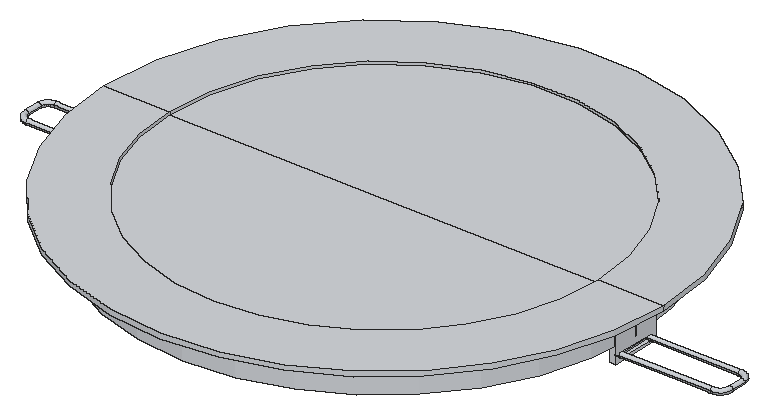
Revit family "0053938", category Lighting Fixtures, host Face, Revit 2017
Family settings
  Host = Face
  Round Connector Dimension = Use Diameter
  Part Type = Normal
  OmniClass Number = 23.80.70.00
  OmniClass Title = Lighting
  Cut with Voids When Loaded = No
  Light Source = Yes
  Shared = No
  Room Calculation Point = No
Parameters (values of type "0053938 ST E DOWNLIGHT FLT 205 IP44 1550 830 DIM")
  Weight = "4.57 kg"
  Wattage Comments = ""
  Wattage = 17 W
  WarrantyStartDate [instance] = "n/a"
  WarrantyGuarantorParts = "n/a"
  WarrantyDurationUnit = "n/a"
  WarrantyDurationParts = "n/a"
  WarrantyDescription = "n/a"
  built-in parameter 1150110 = 1 (stored number, unit not read)
  Voltage = 0 V
  URL = "http://www.sylvania-lighting.com"
  TypeName = "START eco Downlight Flat 205 IP44 1550lm 830 DIM"
  Type Image = <None>
  Type Comments = "n/a"
  built-in parameter 1114217 = 1 (stored number, unit not read)
  Tilt Angle = -90.00°
  built-in parameter 1150109 = 1 (stored number, unit not read)
  built-in parameter 1150134 = (empty or 0)
  built-in parameter 1150113 = 1 (stored number, unit not read)
  SerialNumber [instance] = "n/a"
  SIZE_203_SYL = 1
  SIZE_155_SYL = 0
  R_DIFF_SYL = if(SIZE_155_SYL = 1, 63.5 mm, if(SIZE_203_SYL = 1, 86.5 mm, 40 mm))  # 86.5 mm
  R2_SYL = if(SIZE_155_SYL = 1, 77.5 mm, if(SIZE_203_SYL = 1, 101.5 mm, 52.5 mm))  # 101.5 mm
  R1_SYL = if(SIZE_155_SYL = 1, 86 mm, if(SIZE_203_SYL = 1, 113 mm, 60 mm))  # 113 mm
  Photometric Web File = "0053938.ies"
  LUM_HEIGHT_SYL = 15 mm - CHAMF_SYL  # 14 mm
  CLIP_SYL = 10 mm
  CLIP_HOLE_SYL = 2.5 mm
  CLIP_HOLE_HE_SYL = 8.5 mm
  CLIP_D_SYL = R2_SYL - 2.5 mm  # 99 mm
  CLIP_DIST_SYL = R2_SYL - 2.5 mm  # 99 mm
  CLIP_CUTOUT_SYL = 19 mm
  CHAMF_SYL = 1 mm
  Material_3_SYL = none
  PowerFactor = 0.9
  PowerConsumption = "17 W"
  NominalLength = 226 mm
  NominalHeight = 21 mm
  NominalDepth = 226 mm
  Name = "START eco Downlight Flat 205 IP44 1550lm 830 DIM"
  ModelReference = Name  # "START eco Downlight Flat 205 IP44 1550lm 830 DIM"
  ModelNumber = "0053938"
  Model = Name  # "START eco Downlight Flat 205 IP44 1550lm 830 DIM"
  Material = "aluminium housing, other diffuser"
  ManufacturerName = "Feilo Sylvania"
  Manufacturer = "Feilo Sylvania"
  LuminousEfficacy = "91 lm/W"
  built-in parameter 1150105 = 123.11 (stored number, unit not read)
  Lumens = 1547 lm
  LuminaireType = ""
  built-in parameter 1150115 = 1 (stored number, unit not read)
  LightOutputRatio = "n/a"
  built-in parameter 1150137 = (empty or 0)
  built-in parameter 1150139 = (empty or 0)
  LampsType = Lamp  # "LED"
  LampNominalLuminous = "1550 lm"
  LampMacAdamStep = "5"
  LampColourTemperature = "3000 K"
  LampColourRenderingIndex = "80"
  built-in parameter 1150112 = 1 (stored number, unit not read)
  built-in parameter 1150114 = 1 (stored number, unit not read)
  Lamp = "LED"
  Keynote = "16500"
  InstallationDate [instance] = "n/a"
  InputVoltage = "n/a"
  InputNominalFrequency = "n/a"
  built-in parameter 1150132 = (empty or 0)
  built-in parameter 1150102 = (empty or 0)
  built-in parameter 1150107 = 3000 (stored number, unit not read)
  built-in parameter 1150138 = (empty or 0)
  IngressProtection = "IP44/20"
  ImpactProtectionIndex = "IK06"
  built-in parameter 1150106 = 1.2311 (stored number, unit not read)
  IfcExportType = "IfcLightFixtureType"
  IfcExportAs = "IfcLightFixtureType"
  Emit from Circle Diameter = 609.6 mm
  Emit Shape Visible in Rendering = no
  ElectricShockClassification = "Class II"
  built-in parameter 1150104 = 8.4542 (stored number, unit not read)
  DocumentationLiterature = "http://www.sylvania-lighting.com/product/en-int/products/0053938"
  DimmingControlOptions = "n/a"
  Material_2_SYL = none
  Dimming Lamp Color Temperature Shift = <None>
  Description = "START eco Downlight Flat IP44 DIM is an integrated LED recessed downlight with separated phase dimmable driver; 17W; 1550Lm; 91Lm/W; 3000K; IP44 rated from the front; 30,000hrs (L70B50)."
  Default Elevation = 1219.2 mm
  CreatedOn = "8/6/2020"
  CreatedBy = "@sylvania-lighting.com"
  Cost = 0
  Color Filter = 16777215
  built-in parameter 1114216 [instance] = (empty or 0)
  ClassificationValue = "EF_70_80"
  ClassificationName = "Uniclass2015"
  Material_1_SYL = none
  CHAMF_2_SYL = 1 mm
  BarCode [instance] = "n/a"
  built-in parameter 1114218 = 1 (stored number, unit not read)
  built-in parameter 1150133 = 10 (stored number, unit not read)
  AssetType = "Fixed"
  AssetIdentifier [instance] = "n/a"
  Assembly Code = "D5020200"
  Apparent Load = 17 VA
  Material_4_SYL = none
Types (17, lengths in mm): name | Weight | Wattage | TypeName | built-in parameter 1150134 | SIZE_203_SYL | SIZE_155_SYL | R_DIFF_SYL | R2_SYL | R1_SYL | Photometric Web File | CLIP_D_SYL | CLIP_DIST_SYL | PowerFactor | PowerConsumption | NominalLength | NominalHeight | NominalDepth | Name | ModelReference | ModelNumber | Model | Material | LuminousEfficacy | built-in parameter 1150105 | Lumens | LampNominalLuminous | LampMacAdamStep | LampColourTemperature | built-in parameter 1150107 | built-in parameter 1150106 | built-in parameter 1150104 | DocumentationLiterature | Description | Apparent Load
  0053988 SYLFLAT 105 IP44 550LM 830 DIM | "3.555 kg" | 7 W | "Sylflat 105 IP44 550lm 830 DIM" | (empty or 0) | 0 | 1 | 63.5 | 77.5 | 86 | "0053988.ies" | 75 | 75 | 0 | "7 W" | 0 | 0 | 0 | "Sylflat 105 IP44 550lm 830 DIM" | "Sylflat 105 IP44 550lm 830 DIM" | "53988" | "Sylflat 105 IP44 550lm 830 DIM" | "n/a" | "78.57 lm/W" | 43.768 (stored number, unit not read) | 550 lm | "550 lm" | "3" | "3000 K" | 3000 (stored number, unit not read) | 0.43768 (stored number, unit not read) | 7.2995 (stored number, unit not read) | "http://www.sylvania-lighting.com/product/en-int/products/0053988" | "Sylflat DIM is an integrated LED recessed downlight with separated phase dimmable driver; 7W; 550Lm; 79Lm/W; 3000K; IP44 rated from the front; 50,000hrs (L70B50)." | 7 VA
  0053957 SYLFLAT 205 IP44 2250LM 840 DIM | "4.57 kg" | 24 W | "Sylflat 205 IP44 2250lm 840 DIM" | 12 | 1 | 0 | 86.5 | 101.5 | 113 | "0053957.ies" | 99 | 99 | 0.9 | "24 W" | 226 | 21 | 226 | "Sylflat 205 IP44 2250lm 840 DIM" | "Sylflat 205 IP44 2250lm 840 DIM" | "53957" | "Sylflat 205 IP44 2250lm 840 DIM" | "n/a" | "103 lm/W" | 196.72 (stored number, unit not read) | 2472 lm | "2250 lm" | "3" | "4000 K" | 4000 (stored number, unit not read) | 1.9672 (stored number, unit not read) | 9.569 (stored number, unit not read) | "http://www.sylvania-lighting.com/product/en-int/products/0053957" | "Sylflat DIM is an integrated LED recessed downlight with separated phase dimmable driver; 24W; 2250Lm; 103Lm/W; 4000K; IP44 rated from the front; 50,000hrs (L70B50)." | 24 VA
  0053956 SYLFLAT 205 IP44 2200LM 830 DIM | "4.57 kg" | 24 W | "Sylflat 205 IP44 2200lm 830 DIM" | (empty or 0) | 1 | 0 | 86.5 | 101.5 | 113 | "0053956.ies" | 99 | 99 | 0.9 | "24 W" | 226 | 21 | 226 | "Sylflat 205 IP44 2200lm 830 DIM" | "Sylflat 205 IP44 2200lm 830 DIM" | "53956" | "Sylflat 205 IP44 2200lm 830 DIM" | "n/a" | "100 lm/W" | 190.99 (stored number, unit not read) | 2400 lm | "2200 lm" | "3" | "3000 K" | 3000 (stored number, unit not read) | 1.9099 (stored number, unit not read) | 9.2903 (stored number, unit not read) | "http://www.sylvania-lighting.com/product/en-int/products/0053956" | "Sylflat DIM is an integrated LED recessed downlight with separated phase dimmable driver; 24W; 2200Lm; 100Lm/W; 3000K; IP44 rated from the front; 50,000hrs (L70B50)." | 24 VA
  0053955 SYLFLAT 205 IP44 1750LM 840 DIM | "4.57 kg" | 17 W | "Sylflat 205 IP44 1750lm 840 DIM" | 12 | 1 | 0 | 86.5 | 101.5 | 113 | "0053955.ies" | 99 | 99 | 0.9 | "17 W" | 226 | 21 | 226 | "Sylflat 205 IP44 1750lm 840 DIM" | "Sylflat 205 IP44 1750lm 840 DIM" | "53955" | "Sylflat 205 IP44 1750lm 840 DIM" | "aluminium housing, other diffuser" | "103 lm/W" | 139.34 (stored number, unit not read) | 1751 lm | "1750 lm" | "3" | "4000 K" | 4000 (stored number, unit not read) | 1.3934 (stored number, unit not read) | 9.569 (stored number, unit not read) | "http://www.sylvania-lighting.com/product/en-int/products/0053955" | "Sylflat DIM is an integrated LED recessed downlight with separated phase dimmable driver; 17W; 1750Lm; 103Lm/W; 4000K; IP44 rated from the front; 50,000hrs (L70B50)." | 17 VA
  0053954 SYLFLAT 205 IP44 1550LM 830 DIM | "4.57 kg" | 17 W | "Sylflat 205 IP44 1550lm 830 DIM" | (empty or 0) | 1 | 0 | 86.5 | 101.5 | 113 | "0053954.ies" | 99 | 99 | 0.9 | "17 W" | 226 | 21 | 226 | "Sylflat 205 IP44 1550lm 830 DIM" | "Sylflat 205 IP44 1550lm 830 DIM" | "53954" | "Sylflat 205 IP44 1550lm 830 DIM" | "aluminium housing, other diffuser" | "91 lm/W" | 123.11 (stored number, unit not read) | 1547 lm | "1550 lm" | "3" | "3000 K" | 3000 (stored number, unit not read) | 1.2311 (stored number, unit not read) | 8.4542 (stored number, unit not read) | "http://www.sylvania-lighting.com/product/en-int/products/0053954" | "Sylflat DIM is an integrated LED recessed downlight with separated phase dimmable driver; 17W; 1550Lm; 91Lm/W; 3000K; IP44 rated from the front; 50,000hrs (L70B50)." | 17 VA
  0053953 SYLFLAT 155 IP44 1100LM 840 DIM | "3.27 kg" | 12 W | "Sylflat 155 IP44 1100lm 840 DIM" | 12 | 0 | 1 | 63.5 | 77.5 | 86 | "0053953.ies" | 75 | 75 | 0.9 | "12 W" | 172 | 21 | 172 | "Sylflat 155 IP44 1100lm 840 DIM" | "Sylflat 155 IP44 1100lm 840 DIM" | "53953" | "Sylflat 155 IP44 1100lm 840 DIM" | "aluminium housing, other diffuser" | "92 lm/W" | 87.854 (stored number, unit not read) | 1104 lm | "1100 lm" | "3" | "4000 K" | 4000 (stored number, unit not read) | 0.87854 (stored number, unit not read) | 8.5471 (stored number, unit not read) | "http://www.sylvania-lighting.com/product/en-int/products/0053953" | "Sylflat DIM is an integrated LED recessed downlight with separated phase dimmable driver; 12W; 1100Lm; 92Lm/W; 4000K; IP44 rated from the front; 50,000hrs (L70B50)." | 12 VA
  0053952 SYLFLAT 155 IP44 1000LM 830 DIM | "3.27 kg" | 12 W | "Sylflat 155 IP44 1000lm 830 DIM" | (empty or 0) | 0 | 1 | 63.5 | 77.5 | 86 | "0053952.ies" | 75 | 75 | 0.9 | "12 W" | 172 | 21 | 172 | "Sylflat 155 IP44 1000lm 830 DIM" | "Sylflat 155 IP44 1000lm 830 DIM" | "53952" | "Sylflat 155 IP44 1000lm 830 DIM" | "aluminium housing, other diffuser" | "83 lm/W" | 79.259 (stored number, unit not read) | 996 lm | "1000 lm" | "3" | "3000 K" | 3000 (stored number, unit not read) | 0.79259 (stored number, unit not read) | 7.711 (stored number, unit not read) | "http://www.sylvania-lighting.com/product/en-int/products/0053952" | "Sylflat DIM is an integrated LED recessed downlight with separated phase dimmable driver; 12W; 1000Lm; 83Lm/W; 3000K; IP44 rated from the front; 50,000hrs (L70B50)." | 12 VA
  0053951 ST E DOWNLIGHT FLT 205 IP44 2200 865 DIM | "4.57 kg" | 24 W | "START eco Downlight Flat 205 IP44 2200lm 865 DIM" | 1 | 1 | 0 | 86.5 | 101.5 | 113 | "0053951.ies" | 99 | 99 | 0.9 | "24 W" | 226 | 21 | 226 | "START eco Downlight Flat 205 IP44 2200lm 865 DIM" | "START eco Downlight Flat 205 IP44 2200lm 865 DIM" | "53951" | "START eco Downlight Flat 205 IP44 2200lm 865 DIM" | "n/a" | "92 lm/W" | 175.71 (stored number, unit not read) | 2208 lm | "2200 lm" | "5" | "6500 K" | 6500 (stored number, unit not read) | 1.7571 (stored number, unit not read) | 8.5471 (stored number, unit not read) | "http://www.sylvania-lighting.com/product/en-int/products/0053951" | "START eco Downlight Flat IP44 DIM is an integrated LED recessed downlight with separated phase dimmable driver; 24W; 2200Lm; 92Lm/W; 6500K; IP44 rated from the front; 30,000hrs (L70B50)." | 24 VA
  0053950 ST E DOWNLIGHT FLT 205 IP44 1700 865 DIM | "4.57 kg" | 17 W | "START eco Downlight Flat 205 IP44 1700lm 865 DIM" | 1 | 1 | 0 | 86.5 | 101.5 | 113 | "0053950.ies" | 99 | 99 | 0.9 | "17 W" | 226 | 21 | 226 | "START eco Downlight Flat 205 IP44 1700lm 865 DIM" | "START eco Downlight Flat 205 IP44 1700lm 865 DIM" | "53950" | "START eco Downlight Flat 205 IP44 1700lm 865 DIM" | "aluminium housing, other diffuser" | "100 lm/W" | 135.28 (stored number, unit not read) | 1700 lm | "1700 lm" | "5" | "6500 K" | 6500 (stored number, unit not read) | 1.3528 (stored number, unit not read) | 9.2903 (stored number, unit not read) | "http://www.sylvania-lighting.com/product/en-int/products/0053950" | "START eco Downlight Flat IP44 DIM is an integrated LED recessed downlight with separated phase dimmable driver; 17W; 1700Lm; 100Lm/W; 6500K; IP44 rated from the front; 30,000hrs (L70B50)." | 17 VA
  0053949 ST E DOWNLIGHT FLT 155 IP44 1100 865 DIM | "3.27 kg" | 12 W | "START eco Downlight Flat 155 IP44 1100lm 865 DIM" | 1 | 0 | 1 | 63.5 | 77.5 | 86 | "0053949.ies" | 75 | 75 | 0.9 | "12 W" | 172 | 21 | 172 | "START eco Downlight Flat 155 IP44 1100lm 865 DIM" | "START eco Downlight Flat 155 IP44 1100lm 865 DIM" | "53949" | "START eco Downlight Flat 155 IP44 1100lm 865 DIM" | "aluminium housing, other diffuser" | "92 lm/W" | 87.854 (stored number, unit not read) | 1104 lm | "1100 lm" | "5" | "6500 K" | 6500 (stored number, unit not read) | 0.87854 (stored number, unit not read) | 8.5471 (stored number, unit not read) | "http://www.sylvania-lighting.com/product/en-int/products/0053949" | "START eco Downlight Flat IP44 DIM is an integrated LED recessed downlight with separated phase dimmable driver; 12W; 1100Lm; 92Lm/W; 6500K; IP44 rated from the front; 30,000hrs (L70B50)." | 12 VA
  0053944 ST E DOWNLIGHT FLT 205 IP44 2250 840 DIM | "4.57 kg" | 24 W | "START eco Downlight Flat 205 IP44 2250lm 840 DIM" | 12 | 1 | 0 | 86.5 | 101.5 | 113 | "0053944.ies" | 99 | 99 | 0.9 | "24 W" | 226 | 21 | 226 | "START eco Downlight Flat 205 IP44 2250lm 840 DIM" | "START eco Downlight Flat 205 IP44 2250lm 840 DIM" | "53944" | "START eco Downlight Flat 205 IP44 2250lm 840 DIM" | "n/a" | "94 lm/W" | 179.53 (stored number, unit not read) | 2256 lm | "2250 lm" | "5" | "4000 K" | 4000 (stored number, unit not read) | 1.7953 (stored number, unit not read) | 8.7329 (stored number, unit not read) | "http://www.sylvania-lighting.com/product/en-int/products/0053944" | "START eco Downlight Flat IP44 DIM is an integrated LED recessed downlight with separated phase dimmable driver; 24W; 2250Lm; 94Lm/W; 4000K; IP44 rated from the front; 30,000hrs (L70B50)." | 24 VA
  0053942 ST E DOWNLIGHT FLT 205 IP44 1750 840 DIM | "4.57 kg" | 17 W | "START eco Downlight Flat 205 IP44 1750lm 840 DIM" | 12 | 1 | 0 | 86.5 | 101.5 | 113 | "0053942.ies" | 99 | 99 | 0.9 | "17 W" | 226 | 21 | 226 | "START eco Downlight Flat 205 IP44 1750lm 840 DIM" | "START eco Downlight Flat 205 IP44 1750lm 840 DIM" | "53942" | "START eco Downlight Flat 205 IP44 1750lm 840 DIM" | "aluminium housing, other diffuser" | "103 lm/W" | 139.34 (stored number, unit not read) | 1751 lm | "1750 lm" | "5" | "4000 K" | 4000 (stored number, unit not read) | 1.3934 (stored number, unit not read) | 9.569 (stored number, unit not read) | "http://www.sylvania-lighting.com/product/en-int/products/0053942" | "START eco Downlight Flat IP44 DIM is an integrated LED recessed downlight with separated phase dimmable driver; 17W; 1750Lm; 103Lm/W; 4000K; IP44 rated from the front; 30,000hrs (L70B50)." | 17 VA
  0053941 ST E DOWNLIGHT FLT 155 IP44 1100 840 DIM | "3.27 kg" | 12 W | "START eco Downlight Flat 155 IP44 1100lm 840 DIM" | 12 | 0 | 1 | 63.5 | 77.5 | 86 | "0053941.ies" | 75 | 75 | 0.9 | "12 W" | 172 | 21 | 172 | "START eco Downlight Flat 155 IP44 1100lm 840 DIM" | "START eco Downlight Flat 155 IP44 1100lm 840 DIM" | "53941" | "START eco Downlight Flat 155 IP44 1100lm 840 DIM" | "aluminium housing, other diffuser" | "92 lm/W" | 87.854 (stored number, unit not read) | 1104 lm | "1100 lm" | "5" | "4000 K" | 4000 (stored number, unit not read) | 0.87854 (stored number, unit not read) | 8.5471 (stored number, unit not read) | "http://www.sylvania-lighting.com/product/en-int/products/0053941" | "START eco Downlight Flat IP44 DIM is an integrated LED recessed downlight with separated phase dimmable driver; 12W; 1100Lm; 92Lm/W; 4000K; IP44 rated from the front; 30,000hrs (L70B50)." | 12 VA
  0053940 ST E DOWNLIGHT FLT 205 IP44 2200 830 DIM | "4.57 kg" | 24 W | "START eco Downlight Flat 205 IP44 2200lm 830 DIM" | (empty or 0) | 1 | 0 | 86.5 | 101.5 | 113 | "0053940.ies" | 99 | 99 | 0.9 | "24 W" | 226 | 21 | 226 | "START eco Downlight Flat 205 IP44 2200lm 830 DIM" | "START eco Downlight Flat 205 IP44 2200lm 830 DIM" | "53940" | "START eco Downlight Flat 205 IP44 2200lm 830 DIM" | "n/a" | "92 lm/W" | 175.71 (stored number, unit not read) | 2208 lm | "2200 lm" | "5" | "3000 K" | 3000 (stored number, unit not read) | 1.7571 (stored number, unit not read) | 8.5471 (stored number, unit not read) | "http://www.sylvania-lighting.com/product/en-int/products/0053940" | "START eco Downlight Flat IP44 DIM is an integrated LED recessed downlight with separated phase dimmable driver; 24W; 2200Lm; 92Lm/W; 3000K; IP44 rated from the front; 30,000hrs (L70B50)." | 24 VA
  0053938 ST E DOWNLIGHT FLT 205 IP44 1550 830 DIM | "4.57 kg" | 17 W | "START eco Downlight Flat 205 IP44 1550lm 830 DIM" | (empty or 0) | 1 | 0 | 86.5 | 101.5 | 113 | "0053938.ies" | 99 | 99 | 0.9 | "17 W" | 226 | 21 | 226 | "START eco Downlight Flat 205 IP44 1550lm 830 DIM" | "START eco Downlight Flat 205 IP44 1550lm 830 DIM" | "0053938" | "START eco Downlight Flat 205 IP44 1550lm 830 DIM" | "aluminium housing, other diffuser" | "91 lm/W" | 123.11 (stored number, unit not read) | 1547 lm | "1550 lm" | "5" | "3000 K" | 3000 (stored number, unit not read) | 1.2311 (stored number, unit not read) | 8.4542 (stored number, unit not read) | "http://www.sylvania-lighting.com/product/en-int/products/0053938" | "START eco Downlight Flat IP44 DIM is an integrated LED recessed downlight with separated phase dimmable driver; 17W; 1550Lm; 91Lm/W; 3000K; IP44 rated from the front; 30,000hrs (L70B50)." | 17 VA
  0053937 ST E DOWNLIGHT FLT 155 IP44 1000 830 DIM | "3.27 kg" | 12 W | "START eco Downlight Flat 155 IP44 1000lm 830 DIM" | (empty or 0) | 0 | 1 | 63.5 | 77.5 | 86 | "0053937.ies" | 75 | 75 | 0.9 | "12 W" | 172 | 21 | 172 | "START eco Downlight Flat 155 IP44 1000lm 830 DIM" | "START eco Downlight Flat 155 IP44 1000lm 830 DIM" | "53937" | "START eco Downlight Flat 155 IP44 1000lm 830 DIM" | "aluminium housing, other diffuser" | "83 lm/W" | 79.259 (stored number, unit not read) | 996 lm | "1000 lm" | "5" | "3000 K" | 3000 (stored number, unit not read) | 0.79259 (stored number, unit not read) | 7.711 (stored number, unit not read) | "http://www.sylvania-lighting.com/product/en-int/products/0053937" | "START eco Downlight Flat IP44 DIM is an integrated LED recessed downlight with separated phase dimmable driver; 12W; 1000Lm; 83Lm/W; 3000K; IP44 rated from the front; 30,000hrs (L70B50)." | 12 VA
  0053989 SYLFLAT 105 IP44 600LM 840 DIM | "3.555 kg" | 7 W | "Sylflat 105 IP44 600lm 840 DIM" | 12 | 0 | 1 | 63.5 | 77.5 | 86 | "0053989.ies" | 75 | 75 | 0 | "7 W" | 0 | 0 | 0 | "Sylflat 105 IP44 600lm 840 DIM" | "Sylflat 105 IP44 600lm 840 DIM" | "53989" | "Sylflat 105 IP44 600lm 840 DIM" | "n/a" | "85.71 lm/W" | 47.746 (stored number, unit not read) | 600 lm | "600 lm" | "3" | "4000 K" | 4000 (stored number, unit not read) | 0.47746 (stored number, unit not read) | 7.9631 (stored number, unit not read) | "http://www.sylvania-lighting.com/product/en-int/products/0053989" | "Sylflat DIM is an integrated LED recessed downlight with separated phase dimmable driver; 7W; 600Lm; 86Lm/W; 4000K; IP44 rated from the front; 50,000hrs (L70B50)." | 7 VA
Reference planes
  plane 1 "Center (Front/Back)": y = 0
  plane 2: z = 0
  plane 3 "Center (Left/Right)": x = 0
  plane 4: z = 1
  plane 5: z = -1
  plane 6: z = -14
  plane 7: x = 113
  plane 8: x = 86.5
  plane 9: x = 101.5
  plane 10: x = 0
  plane 11: x = -96
  plane 12: x = -101.5
  plane 13: y = 10
  plane 14: y = -10
  plane 15: x = 99
  plane 16: z = -19
  plane 17: z = -16.5
  plane 18: y = -8.5
  plane 19: y = 8.5
  plane 20: x = -99
Forms (mm)
  Revolve 1, solid
    sketch origin (0, 0, 0) x (1, 0, 0) y (0, 0, 1)
      loop
        line (0, 0) -> (0, -14) -> (101.5, -14) -> (101.5, -1) -> (113, -1) -> (113, 1) -> (86.5, 1) -> (86.5, 0) -> (0, 0)
      axis (0, 1) -> (0, -14)
    angle from 360 to 0
  Extrusion 2, solid
    sketch origin (0, 0, 0) x (1, 0, 0) y (0, 1, 0)
      loop
        line (99, 10) -> (99, -10) -> (101.5, -10) -> (101.5, 10) -> (99, 10)
      loop
        line (-99, 10) -> (-101.5, 10) -> (-101.5, -10) -> (-99, -10) -> (-99, 10)
    from -20 to -1
  Extrusion 3, void
    sketch origin (319, 1524, 1219.2) x (0, 1, 0) y (0, 0, 1)
      loop
        line (-1515.5, -1238.2) -> (-1515.5, -1235.7) -> (-1532.5, -1235.7) -> (-1532.5, -1238.2) -> (-1515.5, -1238.2)
    from -440.059 to 10
  Sweep 4, solid
    path origin (-31.995, -2.046, -2.165) x (1, 0, 0) y (0, 1, 0)
      loop
        arc (-106, 9.306) -> (-108.828, 8.135) -> (-110, 5.306) r 4
        line (-110, 5.306) -> (-110, -0.922)
        arc (-110, -0.922) -> (-108.828, -3.75) -> (-106, -4.922) r 4
        line (-106, -4.922) -> (-68, -4.922) -> (-68, 9.306) -> (-106, 9.306)
    profile origin (-118.995, 7.26, -2.165) x (0, 1, 0) y (0, 0, 1)
      loop
        circle (0, -15.572) r 0.967
  Sweep 5, solid
    path origin (31.995, -2.046, -2.165) x (-1, 0, 0) y (0, -1, 0)
      loop
        line (-106, -9.306) -> (-68, -9.306) -> (-68, 4.922) -> (-106, 4.922)
        arc (-106, 4.922) -> (-108.828, 3.75) -> (-110, 0.922) r 4
        line (-110, 0.922) -> (-110, -5.306)
        arc (-110, -5.306) -> (-108.828, -8.135) -> (-106, -9.306) r 4
    profile origin (118.995, 7.26, -2.165) x (0, -1, 0) y (0, 0, 1)
      loop
        circle (0, -15.572) r 0.967
Cuts and joins
  Extrusion 3 cuts Extrusion 2
Dimensions and locks
  "LUM_HEIGHT_SYL": host face to plane 6
  "CHAMF_2_SYL": host face to plane 5
  "CHAMF_SYL": plane 4 to host face
  "R_DIFF_SYL": plane 8 to plane 3 "Center (Left/Right)"
  "R2_SYL": plane 3 "Center (Left/Right)" to plane 9
  "R1_SYL": plane 7 to plane 3 "Center (Left/Right)"
  "CLIP_SYL": plane 14 to plane 1 "Center (Front/Back)" to plane 13
  "CLIP_D_SYL": plane 10 to plane 15
  "R2_SYL": plane 10 to plane 9
  "CLIP_CUTOUT_SYL": host face to plane 16
  "CLIP_HOLE_SYL": plane 17 to plane 16
  "CLIP_HOLE_HE_SYL": plane 19 to plane 1 "Center (Front/Back)" to plane 18
  "R2_SYL": plane 12 to plane 10
  "CLIP_D_SYL": plane 20 to plane 3 "Center (Left/Right)"
  aligned and locked: plane 2 to host face
  aligned and locked: level to host face
  aligned and locked: Revolve 1 sketch curve to plane 3 "Center (Left/Right)"
  aligned and locked: plane 13 to Extrusion 2 sketch curve
  aligned and locked: Extrusion 2 sketch curve to plane 15
  aligned and locked: Extrusion 2 sketch curve to plane 14
  aligned and locked: plane 9 to Extrusion 2 sketch curve
  aligned and locked: Extrusion 3 sketch curve to plane 16
  aligned and locked: plane 19 to Extrusion 3 sketch curve
  aligned and locked: Extrusion 3 sketch curve to plane 17
  aligned and locked: Extrusion 3 sketch curve to plane 18
  aligned and locked: Extrusion 2 sketch curve to plane 13
  aligned and locked: Extrusion 2 sketch curve to plane 20
  aligned and locked: plane 14 to Extrusion 2 sketch curve
  aligned and locked: plane 12 to Extrusion 2 sketch curve
Automatic sketch dimensions
  host sketch curve to host sketch curve = 2438.4 mm  (x2)
  Revolve 1 sketch curve to level = 0 mm
  Revolve 1 sketch curve to plane 3 "Center (Left/Right)" = 0 mm
  plane 8 to Revolve 1 sketch curve = 0 mm
  Revolve 1 sketch curve to plane 6 = 0 mm
  plane 9 to Revolve 1 sketch curve = 0 mm
  Revolve 1 sketch curve to plane 5 = 0 mm
  plane 7 to Revolve 1 sketch curve = 0 mm
  Revolve 1 sketch curve to plane 4 = 0 mm
  Revolve 1 sketch curve to plane 16 = 584.6 mm
  Revolve 1 sketch curve to plane 4 = 2608.058 mm
  plane 1 "Center (Front/Back)" to Sweep 4 sketch curve = 2.968 mm
  plane 12 to Sweep 4 sketch curve = 40.495 mm
  Sweep 4 sketch curve to plane 18 = 1.532 mm
  Sweep 4 sketch curve to Sweep 4 sketch curve = 4 mm
  plane 20 to Sweep 4 sketch curve = 0.995 mm
  Sweep 4 sketch curve to plane 1 "Center (Front/Back)" = 3.26 mm
  Sweep 4 sketch curve to profile plane = 0 mm
  Sweep 4 sketch curve to profile plane = 15.572 mm
  plane 1 "Center (Front/Back)" to Sweep 5 sketch curve = 2.968 mm
  Sweep 5 sketch curve to plane 7 = 28.995 mm
  Sweep 5 sketch curve to plane 18 = 1.532 mm
  Sweep 5 sketch curve to Sweep 5 sketch curve = 4 mm
  Sweep 5 sketch curve to plane 15 = 0.995 mm
  Sweep 5 sketch curve to plane 1 "Center (Front/Back)" = 3.26 mm
  Sweep 5 sketch curve to profile plane = 0 mm
  Sweep 5 sketch curve to profile plane = 15.572 mm
  radius of Sweep 4 sketch curve = 0.967 mm
  radius of Sweep 5 sketch curve = 0.967 mm
